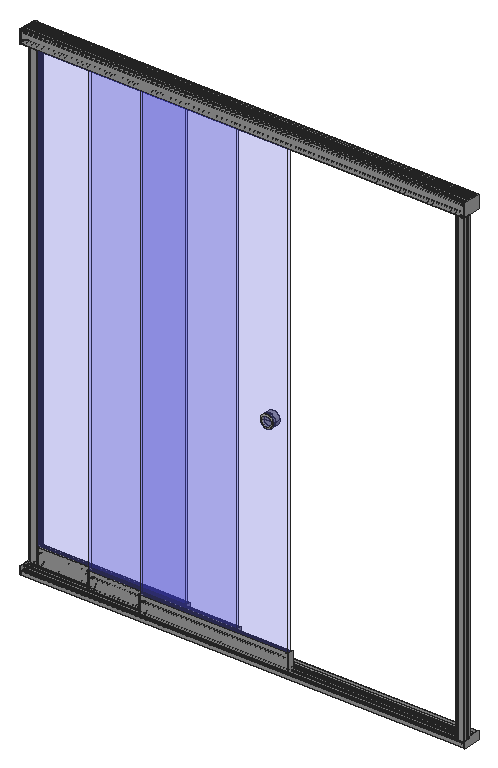
Revit family "SlideTec- 3 Panels.-Retracted 1 side", category Generic Models, Revit 2018
Family settings
  Can host rebar = No
  Round Connector Dimension = Use Diameter
  Part Type = Normal
  Work Plane-Based = No
  Always vertical = Yes
  Cut with Voids When Loaded = No
  Shared = No
  Room Calculation Point = No
Parameters
  Panel 1 [instance] = if(Sliders Retracting < 0 mm, 0 mm, if(Sliders Retracting > Panel Width - 41.5 mm, Panel Width - 41.5 mm, Sliders Retracting))  # 250 mm
  Panel Width [instance] = (Length Input - 95 mm + Gap * 3) / 3  # 676.5 mm
  Sliders Retracting [instance] = 250 mm
  Panel 2 [instance] = Panel 1 * 2  # 500 mm
  Length Input [instance] = if(Length < 2000 mm, 2000 mm, if(Length > 5000 mm, 5000 mm, Length))  # 2000 mm
  Length [instance] = 2000 mm
  Height Input [instance] = if(Height < 1500 mm, 1500 mm, if(Height > 3000 mm, 3000 mm, Height))  # 2200 mm
  Height [instance] = 2200 mm
  Glass [instance] = Glass
  Gap [instance] = 41.5 mm  # constant formula
  Framing [instance] = Aluminium
Reference planes
  plane 1 "Center (Front/Back)": y = 0
  plane 2: z = 0
  plane 3 "Center (Left/Right)": x = 498.5
  plane 4: x = -501.5
  plane 5: x = 1498.5
  plane 6: z = 2200
  plane 7: z = 2145
  plane 8: x = -467.5
  plane 9: z = 2180
Dimensions and locks
  equal spacing: plane 4, plane 3 "Center (Left/Right)", plane 5
  locked: plane 6 to plane 7 at 55
  "Length Input": plane 4 to plane 5
  "Panel 1": plane 8 to nested 7
  "Panel 2": plane 8 to nested 6
  "Height Input": plane 6 to level
  locked: plane 6 to plane 9 at 20
  aligned and locked: level to plane 2
  aligned and locked: nested 1 to plane 4
  aligned and locked: plane 6 to nested 3
  aligned and locked: plane 7 to nested 2
  aligned and locked: plane 5 to nested 4
  aligned and locked: nested 5 to plane 8
  aligned and locked: plane 4 to nested 3
  aligned and locked: plane 7 to nested 4
  aligned and locked: plane 9 to nested 5
  aligned and locked: plane 9 to nested 7
  aligned and locked: plane 9 to nested 6
Nested families
  nested 1: "Base Track" at (-46.328, 0, 0), type "Base Track"
  nested 2: "Side Channel" at (-501.5, 23, 24.002) x (0, -1, 0) z (0, 0, 1), type "Side Channel"
    with Height 2120.998 mm
  nested 3: "Head Guide" at (-117.423, 0, 2140), type "Head Guide"
  nested 4: "Side Channel" at (1498.5, -23, 24.002) x (0, 1, 0) z (0, 0, 1), type "Side Channel"
    with Height 2120.998 mm
  nested 5: "Panel 1" at (-135.25, 23, 20.362), type "Panel 1"
    with Height 2159.638 mm, Width 676.5 mm
  nested 6: "Panel 1 & 2 " at (364.75, -23, 20.362) x (-1, 0, 0) z (0, 0, 1), type "Panel 1 & 2 "
    with Height 2159.638 mm, Handle 979.819 mm, Width 676.5 mm
  nested 7: "Panel 2" at (114.75, 0, 20.362), type "Panel 2"
    with Height 2159.638 mm, Width 676.5 mm
Definition of nested family "Base Track"
  Parameters (values of type "Base Track")
    Length = 2000 mm
    Framing = none
  Reference planes
    plane 1 "Center (Front/Back)": y = 0
    plane 2: z = 0
    plane 3 "Center (Left/Right)": x = 546.328
    plane 4: x = -452.172
    plane 5: x = 1541.828
    plane 6: x = -455.172
    plane 7: x = 1544.828
  Forms (mm)
    Extrusion 1, solid, material <- "Framing"
      sketch origin (0, 0, 0) x (0, -1, 0) y (0, 0, -1)
        loop
          arc (-17.857, -13.359) -> (-19.536, -14.23) -> (-21.421, -14.069) r 3.4
          arc (-21.421, -14.069) -> (-21.883, -14.123) -> (-22.1, -14.535) r 0.5
          line (-22.1, -14.535) -> (-22.1, -15.329)
          arc (-22.1, -15.329) -> (-20.944, -15.879) -> (-20.063, -16.808) r 3.5
          line (-20.063, -16.808) -> (-0.9, -16.138) -> (-0.9, -1.8) -> (-22.1, -1.8) -> (-22.1, -7.255)
          arc (-22.1, -7.255) -> (-21.883, -7.667) -> (-21.421, -7.722) r 0.5
          arc (-21.421, -7.722) -> (-19.536, -7.561) -> (-17.857, -8.431) r 3.4
          arc (-17.857, -8.431) -> (-17.83, -9.492) -> (-18.891, -9.518) r 0.75
          arc (-18.891, -9.518) -> (-22.1, -10.895) -> (-18.891, -12.272) r 1.9
          arc (-18.891, -12.272) -> (-17.83, -12.299) -> (-17.857, -13.359) r 0.75
        loop
          arc (24.492, -17.253) -> (22.947, -15.606) -> (21.521, -17.357) r 1.5
          line (21.521, -17.357) -> (-21.508, -18.859)
          arc (-21.508, -18.859) -> (-23.053, -17.212) -> (-24.479, -18.963) r 1.5
          line (-24.479, -18.963) -> (-37.493, -19.417) -> (-37.493, -20.536) -> (-25.018, -20.182)
          arc (-25.018, -20.182) -> (-24.653, -20.323) -> (-24.5, -20.682) r 0.5
          line (-24.5, -20.682) -> (-24.5, -26.798)
          arc (-24.5, -26.798) -> (-24.647, -27.152) -> (-25, -27.298) r 0.5
          line (-25, -27.298) -> (-25.9, -27.298) -> (-25.9, -29.017)
          arc (-25.9, -29.017) -> (-23, -31.917) -> (-20.1, -29.017) r 2.9
          line (-20.1, -29.017) -> (-20.1, -27.298) -> (-21, -27.298)
          arc (-21, -27.298) -> (-21.354, -27.151) -> (-21.5, -26.798) r 0.5
          line (-21.5, -26.798) -> (-21.5, -20.06) -> (-2.018, -19.379)
          arc (-2.018, -19.379) -> (-1.653, -19.519) -> (-1.5, -19.879) r 0.5
          line (-1.5, -19.879) -> (-1.5, -26.798)
          arc (-1.5, -26.798) -> (-1.647, -27.152) -> (-2, -27.298) r 0.5
          line (-2, -27.298) -> (-2.9, -27.298) -> (-2.9, -29.017)
          arc (-2.9, -29.017) -> (0, -31.917) -> (2.9, -29.017) r 2.9
          line (2.9, -29.017) -> (2.9, -27.298) -> (2, -27.298)
          arc (2, -27.298) -> (1.646, -27.151) -> (1.5, -26.798) r 0.5
          line (1.5, -26.798) -> (1.5, -19.256) -> (20.982, -18.576)
          arc (20.982, -18.576) -> (21.347, -18.716) -> (21.5, -19.076) r 0.5
          line (21.5, -19.076) -> (21.5, -26.798)
          arc (21.5, -26.798) -> (21.353, -27.152) -> (21, -27.298) r 0.5
          line (21, -27.298) -> (20.1, -27.298) -> (20.1, -29.017)
          arc (20.1, -29.017) -> (23, -31.917) -> (25.9, -29.017) r 2.9
          line (25.9, -29.017) -> (25.9, -27.298) -> (25, -27.298)
          arc (25, -27.298) -> (24.646, -27.151) -> (24.5, -26.798) r 0.5
          line (24.5, -26.798) -> (24.5, -18.453) -> (34.559, -18.102) -> (34.517, -16.903) -> (24.492, -17.253)
        loop
          arc (-39.5, -34.1) -> (-38.6, -35) -> (-37.7, -34.1) r 0.9
          line (-37.7, -34.1) -> (-37.7, -22.131) -> (-35.278, -21.575) -> (-35.599, -20.852) -> (-37.693, -20.925) -> (-37.693, -19.224) -> (-24.699, -18.771)
          arc (-24.699, -18.771) -> (-23.06, -17.012) -> (-21.301, -18.652) r 1.7
          line (-21.301, -18.652) -> (21.301, -17.164)
          arc (21.301, -17.164) -> (22.94, -15.406) -> (24.699, -17.046) r 1.7
          line (24.699, -17.046) -> (38.535, -16.562)
          arc (38.535, -16.562) -> (39.219, -16.258) -> (39.5, -15.563) r 1
          line (39.5, -15.563) -> (39.5, 0) -> (37.2, 0) -> (37.2, -1.4) -> (37.7, -2.1) -> (37.7, -14.79) -> (25.937, -15.201)
          arc (25.937, -15.201) -> (25.056, -14.272) -> (23.9, -13.723) r 3.5
          line (23.9, -13.723) -> (23.9, 0) -> (-23.9, 0) -> (-23.9, -15.329)
          arc (-23.9, -15.329) -> (-25.154, -15.952) -> (-26.063, -17.017) r 3.5
          line (-26.063, -17.017) -> (-37.7, -17.423) -> (-37.7, -2.1) -> (-37.201, -1.4) -> (-37.201, 0) -> (-39.5, 0) -> (-39.5, -34.1)
        loop
          arc (20.151, -14.295) -> (17.809, -13.312) -> (16.801, -10.981) r 3.4
          arc (16.801, -10.981) -> (17.532, -10.212) -> (18.301, -10.943) r 0.75
          arc (18.301, -10.943) -> (21.544, -12.239) -> (20.248, -8.996) r 1.9
          arc (20.248, -8.996) -> (19.517, -8.227) -> (20.285, -7.496) r 0.75
          arc (20.285, -7.496) -> (20.863, -7.56) -> (21.421, -7.722) r 3.4
          arc (21.421, -7.722) -> (21.883, -7.667) -> (22.1, -7.255) r 0.5
          line (22.1, -7.255) -> (22.1, -1.8) -> (0.9, -1.8) -> (0.9, -16.075) -> (20.151, -15.403) -> (20.151, -14.295)
      from -452.172 to 1541.828
    Extrusion 2, solid, material <- "Framing"
      sketch origin (-272.837, 2.406, 17.302) x (0, -1, 0) y (0, 0, 1)
        loop
          line (41.906, -17.302) -> (41.906, 16.798)
          arc (41.906, 16.798) -> (41.643, 17.434) -> (41.006, 17.698) r 0.9
          line (41.006, 17.698) -> (-7.094, 17.698) -> (-7.094, 6.7) -> (-34.094, 6.7) -> (-34.094, 17.185)
          arc (-34.094, 17.185) -> (-34.244, 17.548) -> (-34.606, 17.698) r 0.512
          line (-34.606, 17.698) -> (-36.154, 17.698)
          arc (-36.154, 17.698) -> (-36.819, 17.423) -> (-37.094, 16.758) r 0.94
          line (-37.094, 16.758) -> (-37.094, -17.302) -> (41.906, -17.302)
      from 182.334 to 179.334
    Extrusion 3, void
      sketch origin (-452.172, -12.113, 0) x (0, -1, 0) y (0, 0, -1)
        loop
          line (-40.113, -24.002) -> (-40.113, -32.357) -> (-30.113, -32.357) -> (-30.113, -24.002) -> (-40.113, -24.002)
      from 0 to 7
    Extrusion 4, solid, material <- "Framing"
      sketch origin (272.837, -2.406, 17.302) x (0, 1, 0) y (0, 0, 1)
        loop
          line (41.906, -17.302) -> (41.906, 16.798)
          arc (41.906, 16.798) -> (41.643, 17.434) -> (41.006, 17.698) r 0.9
          line (41.006, 17.698) -> (-7.094, 17.698) -> (-7.094, 6.7) -> (-34.094, 6.7) -> (-34.094, 17.185)
          arc (-34.094, 17.185) -> (-34.244, 17.548) -> (-34.606, 17.698) r 0.512
          line (-34.606, 17.698) -> (-36.154, 17.698)
          arc (-36.154, 17.698) -> (-36.819, 17.423) -> (-37.094, 16.758) r 0.94
          line (-37.094, 16.758) -> (-37.094, -17.302) -> (41.906, -17.302)
      from 1271.991 to 1268.991
    Extrusion 5, void
      sketch origin (1541.828, 12.577, 0) x (0, 1, 0) y (0, 0, -1)
        loop
          line (-41.042, -24.002) -> (-41.042, -32.357) -> (-30.113, -32.357) -> (-30.113, -24.002) -> (-41.042, -24.002)
      from 0 to 7
  Cuts and joins
    Extrusion 3, Extrusion 5 cuts Extrusion 1
  Dimensions and locks
    locked: plane 6 to plane 4 at 3
    locked: plane 5 to plane 7 at 3
    equal spacing: plane 4, plane 3 "Center (Left/Right)", plane 7
    "Length": plane 6 to plane 7
    aligned and locked: level to plane 2
    aligned and locked: cut or joined group of Extrusion 1, Extrusion 3, Extrusion 5 to plane 4
    aligned and locked: cut or joined group of Extrusion 1, Extrusion 3, Extrusion 5 to plane 5
    aligned and locked: plane 4 to Extrusion 2
    aligned and locked: Extrusion 2 to plane 6
    aligned and locked: Extrusion 4 to plane 7
    aligned and locked: plane 5 to Extrusion 4
  Automatic sketch dimensions
    Extrusion 1 sketch curve to Extrusion 1 sketch curve = 0 mm  (x29)
    Extrusion 1 sketch curve to level = 0 mm  (x3)
    Extrusion 1 sketch curve to Extrusion 1 sketch curve = 0.9 mm  (x5)
    Extrusion 1 sketch curve to Extrusion 1 sketch curve = 1.8 mm  (x3)
    Extrusion 1 sketch curve to Extrusion 1 sketch curve = 0.007 mm  (x2)
    level to Extrusion 1 sketch curve = 19.417 mm
    Extrusion 1 sketch curve to Extrusion 1 sketch curve = 0.2 mm
    Extrusion 1 sketch curve to Extrusion 1 sketch curve = 0.499 mm
    level to Extrusion 1 sketch curve = 20.852 mm
    Extrusion 1 sketch curve to Extrusion 1 sketch curve = 1.894 mm
    level to Extrusion 1 sketch curve = 21.575 mm
    Extrusion 1 sketch curve to Extrusion 1 sketch curve = 0.322 mm
    level to Extrusion 1 sketch curve = 17.017 mm
    Extrusion 1 sketch curve to Extrusion 1 sketch curve = 9.536 mm
    Extrusion 1 sketch curve to Extrusion 1 sketch curve = 0.163 mm
    level to Extrusion 1 sketch curve = 20.182 mm
    Extrusion 1 sketch curve to Extrusion 1 sketch curve = 1.045 mm
    Extrusion 1 sketch curve to Extrusion 1 sketch curve = 0.017 mm  (x3)
    level to Extrusion 1 sketch curve = 18.771 mm
    Extrusion 1 sketch curve to Extrusion 1 sketch curve = 0.318 mm  (x2)
    Extrusion 1 sketch curve to Extrusion 1 sketch curve = 0.5 mm  (x9)
    level to Extrusion 1 sketch curve = 18.963 mm
    Extrusion 1 sketch curve to Extrusion 1 sketch curve = 0.22 mm  (x2)
    Extrusion 1 sketch curve to Extrusion 1 sketch curve = 13.301 mm
    Extrusion 1 sketch curve to Extrusion 1 sketch curve = 1.479 mm
    Extrusion 1 sketch curve to Extrusion 1 sketch curve = 2 mm  (x3)
    level to Extrusion 1 sketch curve = 18.859 mm
    Extrusion 1 sketch curve to Extrusion 1 sketch curve = 1.493 mm
    level to Extrusion 1 sketch curve = 18.652 mm
    Extrusion 1 sketch curve to Extrusion 1 sketch curve = 1.4 mm  (x2)
    level to Extrusion 1 sketch curve = 16.808 mm
    Extrusion 1 sketch curve to Extrusion 1 sketch curve = 1.238 mm  (x2)
    Extrusion 1 sketch curve to Extrusion 1 sketch curve = 1.826 mm  (x2)
    Extrusion 1 sketch curve to Extrusion 1 sketch curve = 17.2 mm  (x2)
    level to Extrusion 1 sketch curve = 19.379 mm
    Extrusion 1 sketch curve to Extrusion 1 sketch curve = 0.883 mm
    level to Extrusion 1 sketch curve = 1.8 mm  (x2)
    Extrusion 1 sketch curve to Extrusion 1 sketch curve = 1.118 mm
    level to Extrusion 1 sketch curve = 19.256 mm
    Extrusion 1 sketch curve to Extrusion 1 sketch curve = 3 mm
    level to Extrusion 1 sketch curve = 10.962 mm
    Extrusion 1 sketch curve to Extrusion 1 sketch curve = 16.651 mm
    level to Extrusion 1 sketch curve = 15.403 mm
    Extrusion 1 sketch curve to Extrusion 1 sketch curve = 2.6 mm
    Extrusion 1 sketch curve to Extrusion 1 sketch curve = 2.649 mm  (x2)
    Extrusion 1 sketch curve to Extrusion 1 sketch curve = 0.067 mm  (x2)
    level to Extrusion 1 sketch curve = 18.576 mm
    Extrusion 1 sketch curve to Extrusion 1 sketch curve = 0.831 mm
    level to Extrusion 1 sketch curve = 17.164 mm
    Extrusion 1 sketch curve to Extrusion 1 sketch curve = 1.333 mm
    Extrusion 1 sketch curve to Extrusion 1 sketch curve = 1.699 mm
    level to Extrusion 1 sketch curve = 17.046 mm
    Extrusion 1 sketch curve to Extrusion 1 sketch curve = 0.199 mm
    level to Extrusion 1 sketch curve = 15.201 mm
    Extrusion 1 sketch curve to Extrusion 1 sketch curve = 13.3 mm
    level to Extrusion 1 sketch curve = 14.79 mm
    Extrusion 1 sketch curve to Extrusion 1 sketch curve = 3.141 mm
    Extrusion 1 sketch curve to Extrusion 1 sketch curve = 0.8 mm
    level to Extrusion 1 sketch curve = 16.562 mm
    Extrusion 1 sketch curve to Extrusion 1 sketch curve = 0.035 mm
    Extrusion 1 sketch curve to Extrusion 1 sketch curve = 1 mm
    Extrusion 1 sketch curve to Extrusion 1 sketch curve = 1.278 mm
    Extrusion 1 sketch curve to Extrusion 1 sketch curve = 7.722 mm
    Extrusion 1 sketch curve to Extrusion 1 sketch curve = 7.541 mm
    Extrusion 1 sketch curve to Extrusion 1 sketch curve = 6.116 mm
    Extrusion 1 sketch curve to Extrusion 1 sketch curve = 1.719 mm  (x2)
    Extrusion 1 sketch curve to Extrusion 1 sketch curve = 1.72 mm  (x3)
    Extrusion 1 sketch curve to Extrusion 1 sketch curve = 11.969 mm
    Extrusion 1 sketch curve to Extrusion 1 sketch curve = 1.205 mm
    Extrusion 1 sketch curve to Extrusion 1 sketch curve = 0.389 mm
    Extrusion 1 sketch curve to Extrusion 1 sketch curve = 1.2 mm
    Extrusion 1 sketch curve to Extrusion 1 sketch curve = 0.193 mm
    Extrusion 1 sketch curve to Extrusion 1 sketch curve = 1.408 mm
    Extrusion 1 sketch curve to Extrusion 1 sketch curve = 1.801 mm
    Extrusion 1 sketch curve to Extrusion 1 sketch curve = 0.794 mm
    Extrusion 1 sketch curve to Extrusion 1 sketch curve = 1.108 mm
    Extrusion 1 sketch curve to Extrusion 1 sketch curve = 1.92 mm  (x2)
    Extrusion 1 sketch curve to Extrusion 1 sketch curve = 0.991 mm
    level to Extrusion 1 sketch curve = 2.1 mm  (x2)
    Extrusion 1 sketch curve to Extrusion 1 sketch curve = 0.7 mm  (x2)
    Extrusion 1 sketch curve to Extrusion 1 sketch curve = 0.517 mm  (x2)
    level to Extrusion 1 sketch curve = 16.138 mm
    level to Extrusion 1 sketch curve = 16.075 mm
    Extrusion 1 sketch curve to Extrusion 1 sketch curve = 0.206 mm
    Extrusion 1 sketch curve to Extrusion 1 sketch curve = 0.192 mm
    Extrusion 1 sketch curve to Extrusion 1 sketch curve = 8.623 mm
    level to Extrusion 1 sketch curve = 16.903 mm
    Extrusion 1 sketch curve to plane 1 "Center (Front/Back)" = 39.5 mm
    Extrusion 1 to Extrusion 3 sketch curve = 11.5 mm
    Extrusion 1 to Extrusion 3 sketch curve = 7.9 mm
    Extrusion 1 to Extrusion 3 sketch curve = 5.058 mm
    Extrusion 3 sketch curve to Extrusion 1 = 3.296 mm
    Extrusion 1 to Extrusion 5 sketch curve = 11.035 mm
    Extrusion 1 to Extrusion 5 sketch curve = 8.364 mm
    Extrusion 1 to Extrusion 5 sketch curve = 5.058 mm
    Extrusion 5 sketch curve to Extrusion 1 = 3.296 mm
    Extrusion 2 sketch curve to level = 0 mm
    Extrusion 2 sketch curve to plane 1 "Center (Front/Back)" = 39.5 mm
    Extrusion 2 sketch curve to Extrusion 2 sketch curve = 0.94 mm
    Extrusion 2 sketch curve to Extrusion 2 sketch curve = 1.548 mm
    Extrusion 2 sketch curve to Extrusion 2 sketch curve = 0.512 mm
    Extrusion 2 sketch curve to plane 1 "Center (Front/Back)" = 9.501 mm
    plane 1 "Center (Front/Back)" to Extrusion 2 sketch curve = 38.6 mm
    Extrusion 2 sketch curve to Extrusion 2 sketch curve = 0.9 mm
    level to Extrusion 2 sketch curve = 24.002 mm
    Extrusion 2 sketch curve to Extrusion 2 sketch curve = 10.058 mm
    level to Extrusion 2 sketch curve = 34.1 mm
    Extrusion 4 sketch curve to level = 0 mm
    plane 1 "Center (Front/Back)" to Extrusion 4 sketch curve = 39.5 mm
    Extrusion 4 sketch curve to Extrusion 4 sketch curve = 0.94 mm
    Extrusion 4 sketch curve to Extrusion 4 sketch curve = 1.548 mm
    Extrusion 4 sketch curve to Extrusion 4 sketch curve = 0.512 mm
    plane 1 "Center (Front/Back)" to Extrusion 4 sketch curve = 9.501 mm
    Extrusion 4 sketch curve to plane 1 "Center (Front/Back)" = 38.6 mm
    Extrusion 4 sketch curve to Extrusion 4 sketch curve = 0.9 mm
    level to Extrusion 4 sketch curve = 24.002 mm
    Extrusion 4 sketch curve to Extrusion 4 sketch curve = 10.058 mm
    level to Extrusion 4 sketch curve = 34.1 mm
Definition of nested family "Side Channel"
  Parameters (values of type "Side Channel")
    Height [instance] = 326.66 mm
    Framing = none
  Reference planes
    plane 1 "Center (Front/Back)": y = 0
    plane 2: z = 0
    plane 3 "Center (Left/Right)": x = 0
    plane 4: z = 326.66
  Forms (mm)
    Extrusion 1, solid, material <- "Framing"
      sketch origin (41.374, 114.075, 0) x (0, 1, 0) y (-1, 0, 0)
        loop
          arc (-74.577, 26.665) -> (-74.222, 26.811) -> (-74.075, 27.165) r 0.5
          line (-74.075, 27.165) -> (-74.075, 28.965)
          arc (-74.075, 28.965) -> (-74.888, 30.101) -> (-76.225, 29.698) r 1.2
          line (-76.225, 29.698) -> (-76.225, 28.865) -> (-75.175, 28.865) -> (-75.175, 27.765) -> (-80.475, 27.765) -> (-80.475, 28.865) -> (-79.425, 28.865) -> (-79.425, 29.812)
          arc (-79.425, 29.812) -> (-80.467, 30.15) -> (-81.349, 29.501) r 1.2
          line (-81.349, 29.501) -> (-81.349, 28.665) -> (-103.075, 28.665) -> (-103.075, 30.015) -> (-104.075, 30.015) -> (-104.075, 52.515) -> (-103.075, 52.515) -> (-103.075, 53.865) -> (-81.349, 53.865) -> (-81.349, 53.029)
          arc (-81.349, 53.029) -> (-80.467, 52.38) -> (-79.425, 52.718) r 1.2
          line (-79.425, 52.718) -> (-79.425, 53.665) -> (-80.475, 53.665) -> (-80.475, 54.765) -> (-75.175, 54.765) -> (-75.175, 53.665) -> (-76.225, 53.665) -> (-76.225, 52.832)
          arc (-76.225, 52.832) -> (-74.888, 52.429) -> (-74.075, 53.565) r 1.2
          line (-74.075, 53.565) -> (-74.075, 55.365)
          arc (-74.075, 55.365) -> (-74.221, 55.719) -> (-74.575, 55.865) r 0.5
          line (-74.575, 55.865) -> (-110.875, 55.865) -> (-110.875, 54.565) -> (-114.075, 54.565) -> (-114.075, 51.065) -> (-112.475, 51.065) -> (-112.475, 52.965) -> (-109.575, 52.965) -> (-109.575, 53.865) -> (-106.575, 53.865) -> (-106.575, 46.065) -> (-114.075, 46.065) -> (-114.075, 44.265) -> (-106.575, 44.265) -> (-106.575, 38.265) -> (-114.075, 38.265) -> (-114.075, 36.465) -> (-106.575, 36.465) -> (-106.575, 28.665) -> (-109.575, 28.665) -> (-109.575, 29.565) -> (-112.475, 29.565) -> (-112.475, 31.465) -> (-114.075, 31.465) -> (-114.075, 27.965) -> (-110.875, 27.965) -> (-110.875, 26.665) -> (-74.577, 26.665)
      from 0 to 326.66
  Dimensions and locks
    "Height": plane 4 to plane 2
    aligned and locked: level to plane 2
    aligned and locked: plane 4 to Extrusion 1
  Automatic sketch dimensions
    plane 1 "Center (Front/Back)" to Extrusion 1 sketch curve = 0 mm  (x4)
    Extrusion 1 sketch curve to Extrusion 1 sketch curve = 1.6 mm
    Extrusion 1 sketch curve to plane 1 "Center (Front/Back)" = 1.6 mm
    Extrusion 1 sketch curve to plane 1 "Center (Front/Back)" = 3.2 mm  (x2)
    Extrusion 1 sketch curve to Extrusion 1 sketch curve = 1.3 mm  (x3)
    Extrusion 1 sketch curve to Extrusion 1 sketch curve = 3 mm
    Extrusion 1 sketch curve to Extrusion 1 sketch curve = 0 mm  (x3)
    Extrusion 1 sketch curve to Extrusion 1 sketch curve = 2.5 mm
    Extrusion 1 sketch curve to Extrusion 1 sketch curve = 1 mm  (x2)
    Extrusion 1 sketch curve to Extrusion 1 sketch curve = 21.726 mm  (x2)
    Extrusion 1 sketch curve to Extrusion 1 sketch curve = 0.874 mm  (x2)
    Extrusion 1 sketch curve to Extrusion 1 sketch curve = 0.2 mm  (x3)
    Extrusion 1 sketch curve to Extrusion 1 sketch curve = 0.85 mm  (x2)
    Extrusion 1 sketch curve to Extrusion 1 sketch curve = 3.2 mm  (x2)
    Extrusion 1 sketch curve to Extrusion 1 sketch curve = 0.95 mm  (x2)
    Extrusion 1 sketch curve to Extrusion 1 sketch curve = 0.1 mm  (x6)
    Extrusion 1 sketch curve to Extrusion 1 sketch curve = 0.598 mm
    Extrusion 1 sketch curve to Extrusion 1 sketch curve = 0.6 mm  (x3)
    Extrusion 1 sketch curve to Extrusion 1 sketch curve = 0.002 mm
    Extrusion 1 sketch curve to Extrusion 1 sketch curve = 0.5 mm
    Extrusion 1 sketch curve to Extrusion 1 sketch curve = 1.1 mm  (x3)
    plane 3 "Center (Left/Right)" to Extrusion 1 sketch curve = 14.709 mm
    Extrusion 1 sketch curve to Extrusion 1 sketch curve = 0.9 mm  (x3)
    Extrusion 1 sketch curve to Extrusion 1 sketch curve = 0.836 mm
    Extrusion 1 sketch curve to Extrusion 1 sketch curve = 1.35 mm  (x2)
    Extrusion 1 sketch curve to Extrusion 1 sketch curve = 1.9 mm  (x2)
    plane 3 "Center (Left/Right)" to Extrusion 1 sketch curve = 4.909 mm
    Extrusion 1 sketch curve to Extrusion 1 sketch curve = 1.8 mm  (x2)
    Extrusion 1 sketch curve to plane 3 "Center (Left/Right)" = 2.891 mm
    Extrusion 1 sketch curve to Extrusion 1 sketch curve = 5 mm
    Extrusion 1 sketch curve to Extrusion 1 sketch curve = 6.45 mm
    Extrusion 1 sketch curve to plane 3 "Center (Left/Right)" = 11.344 mm
    Extrusion 1 sketch curve to Extrusion 1 sketch curve = 0.114 mm
    Extrusion 1 sketch curve to Extrusion 1 sketch curve = 0.311 mm
    Extrusion 1 sketch curve to Extrusion 1 sketch curve = 0.7 mm
Definition of nested family "Head Guide"
  Parameters (values of type "Head Guide")
    Width = 2000 mm
    Framing = none
  Reference planes
    plane 1 "Center (Front/Back)": y = 0
    plane 2: z = 0
    plane 3 "Center (Left/Right)": x = 615.923
    plane 4: x = -381.077
    plane 5: x = 1612.923
    plane 6: x = -384.077
    plane 7: x = 1615.923
  Forms (mm)
    Extrusion 1, solid, material <- "Framing"
      sketch origin (0, 0, 5) x (0, 1, 0) y (0, 0, 1)
        loop
          arc (15.8, 47.95) -> (14.315, 47.335) -> (13.7, 45.85) r 2.1
          line (13.7, 45.85) -> (13.7, 44.65) -> (9.3, 44.65) -> (9.3, 45.85)
          arc (9.3, 45.85) -> (8.685, 47.335) -> (7.2, 47.95) r 2.1
          line (7.2, 47.95) -> (6, 47.95)
          arc (6, 47.95) -> (5.646, 48.096) -> (5.5, 48.45) r 0.5
          line (5.5, 48.45) -> (5.5, 53.2) -> (6.5, 53.2)
          arc (6.5, 53.2) -> (6.854, 53.346) -> (7, 53.7) r 0.5
          line (7, 53.7) -> (7, 54.5)
          arc (7, 54.5) -> (6.854, 54.854) -> (6.5, 55) r 0.5
          line (6.5, 55) -> (4, 55)
          arc (4, 55) -> (3.646, 54.854) -> (3.5, 54.5) r 0.5
          line (3.5, 54.5) -> (3.5, 49.15)
          arc (3.5, 49.15) -> (3.354, 48.796) -> (3, 48.65) r 0.5
          line (3, 48.65) -> (0, 48.65) -> (-3, 48.65)
          arc (-3, 48.65) -> (-3.354, 48.796) -> (-3.5, 49.15) r 0.5
          line (-3.5, 49.15) -> (-3.5, 54.5)
          arc (-3.5, 54.5) -> (-3.646, 54.854) -> (-4, 55) r 0.5
          line (-4, 55) -> (-6.5, 55)
          arc (-6.5, 55) -> (-6.854, 54.854) -> (-7, 54.5) r 0.5
          line (-7, 54.5) -> (-7, 53.7)
          arc (-7, 53.7) -> (-6.854, 53.346) -> (-6.5, 53.2) r 0.5
          line (-6.5, 53.2) -> (-5.5, 53.2) -> (-5.5, 48.45)
          arc (-5.5, 48.45) -> (-5.646, 48.096) -> (-6, 47.95) r 0.5
          line (-6, 47.95) -> (-7.2, 47.95)
          arc (-7.2, 47.95) -> (-8.685, 47.335) -> (-9.3, 45.85) r 2.1
          line (-9.3, 45.85) -> (-9.3, 44.65) -> (-13.7, 44.65) -> (-13.7, 45.85)
          arc (-13.7, 45.85) -> (-14.315, 47.335) -> (-15.8, 47.95) r 2.1
          line (-15.8, 47.95) -> (-17, 47.95)
          arc (-17, 47.95) -> (-17.354, 48.096) -> (-17.5, 48.45) r 0.5
          line (-17.5, 48.45) -> (-17.5, 53.2) -> (-16.5, 53.2)
          arc (-16.5, 53.2) -> (-16.146, 53.346) -> (-16, 53.7) r 0.5
          line (-16, 53.7) -> (-16, 54.5)
          arc (-16, 54.5) -> (-16.146, 54.854) -> (-16.5, 55) r 0.5
          line (-16.5, 55) -> (-19, 55)
          arc (-19, 55) -> (-19.354, 54.854) -> (-19.5, 54.5) r 0.5
          line (-19.5, 54.5) -> (-19.5, 49.15)
          arc (-19.5, 49.15) -> (-19.646, 48.796) -> (-20, 48.65) r 0.5
          line (-20, 48.65) -> (-26, 48.65)
          arc (-26, 48.65) -> (-26.354, 48.796) -> (-26.5, 49.15) r 0.5
          line (-26.5, 49.15) -> (-26.5, 54.5)
          arc (-26.5, 54.5) -> (-26.646, 54.854) -> (-27, 55) r 0.5
          line (-27, 55) -> (-27.8, 55)
          arc (-27.8, 55) -> (-28.154, 54.854) -> (-28.3, 54.5) r 0.5
          line (-28.3, 54.5) -> (-28.3, 48.45)
          arc (-28.3, 48.45) -> (-28.446, 48.096) -> (-28.8, 47.95) r 0.5
          line (-28.8, 47.95) -> (-37.2, 47.95)
          arc (-37.2, 47.95) -> (-37.554, 48.096) -> (-37.7, 48.45) r 0.5
          line (-37.7, 48.45) -> (-37.7, 53.2) -> (-36.5, 53.2)
          arc (-36.5, 53.2) -> (-36.146, 53.346) -> (-36, 53.7) r 0.5
          line (-36, 53.7) -> (-36, 54.5)
          arc (-36, 54.5) -> (-36.146, 54.854) -> (-36.5, 55) r 0.5
          line (-36.5, 55) -> (-39, 55)
          arc (-39, 55) -> (-39.354, 54.854) -> (-39.5, 54.5) r 0.5
          line (-39.5, 54.5) -> (-39.5, -4.5)
          arc (-39.5, -4.5) -> (-39.354, -4.854) -> (-39, -5) r 0.5
          line (-39, -5) -> (-38.2, -5)
          arc (-38.2, -5) -> (-37.846, -4.854) -> (-37.7, -4.5) r 0.5
          line (-37.7, -4.5) -> (-37.7, 0) -> (-31.75, 0)
          arc (-31.75, 0) -> (-31.396, 0.146) -> (-31.25, 0.5) r 0.5
          line (-31.25, 0.5) -> (-31.25, 2.25) -> (-32.45, 2.25) -> (-32.45, 1.2) -> (-33.85, 1.2) -> (-33.85, 2.25) -> (-37.2, 2.25)
          arc (-37.2, 2.25) -> (-37.554, 2.396) -> (-37.7, 2.75) r 0.5
          line (-37.7, 2.75) -> (-37.7, 4.95)
          arc (-37.7, 4.95) -> (-37.554, 5.304) -> (-37.2, 5.45) r 0.5
          line (-37.2, 5.45) -> (-33.85, 5.45) -> (-33.85, 6.5) -> (-32.274, 6.5) -> (-32.179, 5.692)
          arc (-32.179, 5.692) -> (-31.616, 5.468) -> (-31.25, 5.95) r 0.5
          line (-31.25, 5.95) -> (-31.353, 6.824) -> (-32.452, 8.407)
          arc (-32.452, 8.407) -> (-32.992, 8.726) -> (-33.585, 8.523) r 0.75
          arc (-33.585, 8.523) -> (-36.794, 9.895) -> (-33.592, 11.283) r 1.9
          line (-33.592, 11.283) -> (-32.75, 11.283) -> (-32.75, 12.539)
          arc (-32.75, 12.539) -> (-35.218, 13.285) -> (-37.5, 12.084) r 3.4
          line (-37.5, 12.084) -> (-37.5, 42.066)
          arc (-37.5, 42.066) -> (-36.758, 41.406) -> (-35.856, 40.989) r 3.4
          arc (-35.856, 40.989) -> (-34.925, 41.496) -> (-35.432, 42.428) r 0.75
          arc (-35.432, 42.428) -> (-35.844, 45.895) -> (-33.047, 43.805) r 1.9
          arc (-33.047, 43.805) -> (-32.866, 43.116) -> (-32.191, 42.89) r 0.75
          line (-32.191, 42.89) -> (-31.396, 43.026) -> (-30.5, 44.624) -> (-30.5, 46.15) -> (-15.509, 46.15) -> (-15.458, 44.471) -> (-14.5, 42.85) -> (-12.5, 42.85) -> (-12.5, 7.7) -> (-14.75, 7.7) -> (-14.75, 5.45) -> (-13.55, 5.45) -> (-13.55, 6.5) -> (-12.35, 6.5) -> (-12.35, 1.2) -> (-13.55, 1.2) -> (-13.55, 2.25) -> (-14.75, 2.25) -> (-14.75, 0.5)
          arc (-14.75, 0.5) -> (-14.604, 0.146) -> (-14.25, 0) r 0.5
          line (-14.25, 0) -> (-8.75, 0)
          arc (-8.75, 0) -> (-8.396, 0.146) -> (-8.25, 0.5) r 0.5
          line (-8.25, 0.5) -> (-8.25, 2.25) -> (-9.45, 2.25) -> (-9.45, 1.2) -> (-10.65, 1.2) -> (-10.65, 6.5) -> (-9.45, 6.5) -> (-9.45, 5.45) -> (-8.25, 5.45) -> (-8.25, 7.7) -> (-10.5, 7.7) -> (-10.5, 42.85) -> (-8.496, 42.85) -> (-7.5, 44.624) -> (-7.5, 46.15) -> (0, 46.15) -> (7.5, 46.15) -> (7.5, 44.624) -> (8.496, 42.85) -> (10.5, 42.85) -> (10.5, 7.7) -> (8.25, 7.7) -> (8.25, 5.45) -> (9.45, 5.45) -> (9.45, 6.5) -> (10.65, 6.5) -> (10.65, 1.2) -> (9.45, 1.2) -> (9.45, 2.25) -> (8.25, 2.25) -> (8.25, 0.5)
          arc (8.25, 0.5) -> (8.396, 0.146) -> (8.75, 0) r 0.5
          line (8.75, 0) -> (14.25, 0)
          arc (14.25, 0) -> (14.604, 0.146) -> (14.75, 0.5) r 0.5
          line (14.75, 0.5) -> (14.75, 2.25) -> (13.55, 2.25) -> (13.55, 1.2) -> (12.35, 1.2) -> (12.35, 6.5) -> (13.55, 6.5) -> (13.55, 5.45) -> (14.75, 5.45) -> (14.75, 7.7) -> (12.5, 7.7) -> (12.5, 42.85) -> (14.5, 42.85) -> (15.458, 44.471) -> (15.509, 46.15) -> (30.5, 46.15) -> (30.5, 44.624) -> (31.396, 43.026) -> (32.191, 42.89)
          arc (32.191, 42.89) -> (32.866, 43.116) -> (33.047, 43.805) r 0.75
          arc (33.047, 43.805) -> (35.844, 45.895) -> (35.432, 42.428) r 1.9
          arc (35.432, 42.428) -> (34.925, 41.496) -> (35.856, 40.989) r 0.75
          arc (35.856, 40.989) -> (36.758, 41.406) -> (37.5, 42.066) r 3.4
          line (37.5, 42.066) -> (37.5, 12.084)
          arc (37.5, 12.084) -> (35.218, 13.285) -> (32.75, 12.539) r 3.4
          line (32.75, 12.539) -> (32.75, 11.283) -> (33.592, 11.283)
          arc (33.592, 11.283) -> (36.794, 9.895) -> (33.585, 8.523) r 1.9
          arc (33.585, 8.523) -> (32.992, 8.726) -> (32.452, 8.407) r 0.75
          line (32.452, 8.407) -> (31.353, 6.824) -> (31.25, 5.95)
          arc (31.25, 5.95) -> (31.616, 5.468) -> (32.179, 5.692) r 0.5
          line (32.179, 5.692) -> (32.274, 6.5) -> (33.85, 6.5) -> (33.85, 5.45) -> (37.2, 5.45)
          arc (37.2, 5.45) -> (37.554, 5.304) -> (37.7, 4.95) r 0.5
          line (37.7, 4.95) -> (37.7, 2.75)
          arc (37.7, 2.75) -> (37.554, 2.396) -> (37.2, 2.25) r 0.5
          line (37.2, 2.25) -> (33.85, 2.25) -> (33.85, 1.2) -> (32.45, 1.2) -> (32.45, 2.25) -> (31.25, 2.25) -> (31.25, 0.5)
          arc (31.25, 0.5) -> (31.396, 0.146) -> (31.75, 0) r 0.5
          line (31.75, 0) -> (37.7, 0) -> (37.7, -4.5)
          arc (37.7, -4.5) -> (37.846, -4.854) -> (38.2, -5) r 0.5
          line (38.2, -5) -> (39, -5)
          arc (39, -5) -> (39.354, -4.854) -> (39.5, -4.5) r 0.5
          line (39.5, -4.5) -> (39.5, 54.5)
          arc (39.5, 54.5) -> (39.354, 54.854) -> (39, 55) r 0.5
          line (39, 55) -> (36.5, 55)
          arc (36.5, 55) -> (36.146, 54.854) -> (36, 54.5) r 0.5
          line (36, 54.5) -> (36, 53.7)
          arc (36, 53.7) -> (36.146, 53.346) -> (36.5, 53.2) r 0.5
          line (36.5, 53.2) -> (37.7, 53.2) -> (37.7, 48.45)
          arc (37.7, 48.45) -> (37.554, 48.096) -> (37.2, 47.95) r 0.5
          line (37.2, 47.95) -> (28.8, 47.95)
          arc (28.8, 47.95) -> (28.446, 48.096) -> (28.3, 48.45) r 0.5
          line (28.3, 48.45) -> (28.3, 54.5)
          arc (28.3, 54.5) -> (28.154, 54.854) -> (27.8, 55) r 0.5
          line (27.8, 55) -> (27, 55)
          arc (27, 55) -> (26.646, 54.854) -> (26.5, 54.5) r 0.5
          line (26.5, 54.5) -> (26.5, 49.15)
          arc (26.5, 49.15) -> (26.354, 48.796) -> (26, 48.65) r 0.5
          line (26, 48.65) -> (20, 48.65)
          arc (20, 48.65) -> (19.646, 48.796) -> (19.5, 49.15) r 0.5
          line (19.5, 49.15) -> (19.5, 54.5)
          arc (19.5, 54.5) -> (19.354, 54.854) -> (19, 55) r 0.5
          line (19, 55) -> (16.5, 55)
          arc (16.5, 55) -> (16.146, 54.854) -> (16, 54.5) r 0.5
          line (16, 54.5) -> (16, 53.7)
          arc (16, 53.7) -> (16.146, 53.346) -> (16.5, 53.2) r 0.5
          line (16.5, 53.2) -> (17.5, 53.2) -> (17.5, 48.45)
          arc (17.5, 48.45) -> (17.354, 48.096) -> (17, 47.95) r 0.5
          line (17, 47.95) -> (15.8, 47.95)
      from -381.077 to 1612.923
    Extrusion 2, solid, material <- "Framing"
      sketch origin (1612.923, 0, 5) x (0, 1, 0) y (0, 0, 1)
        loop
          line (39.5, -5) -> (39.5, 55) -> (-39.5, 55) -> (-39.5, -5) -> (-36.5, -5) -> (-36.5, 0) -> (-9.501, 0) -> (-9.501, -5) -> (39.5, -5)
      from 0 to 3
    Extrusion 3, solid, material <- "Framing"
      sketch origin (-381.077, 0, 5) x (0, -1, 0) y (0, 0, 1)
        loop
          line (39.5, -5) -> (39.5, 55) -> (-39.5, 55) -> (-39.5, -5) -> (-36.5, -5) -> (-36.5, 0) -> (-9.501, 0) -> (-9.501, -5) -> (39.5, -5)
      from 0 to 3
  Dimensions and locks
    locked: plane 6 to plane 4 at 3
    locked: plane 5 to plane 7 at 3
    equal spacing: plane 4, plane 3 "Center (Left/Right)", plane 5
    "Width": plane 6 to plane 7
    aligned and locked: level to plane 2
    aligned and locked: Extrusion 1 to plane 4
    aligned and locked: Extrusion 1 to plane 5
  Automatic sketch dimensions
    Extrusion 1 sketch curve to Extrusion 1 sketch curve = 0 mm  (x25)
    Extrusion 1 sketch curve to level = 0 mm  (x2)
    Extrusion 1 sketch curve to plane 1 "Center (Front/Back)" = 0 mm  (x2)
    plane 1 "Center (Front/Back)" to Extrusion 1 sketch curve = 3 mm
    plane 1 "Center (Front/Back)" to Extrusion 1 sketch curve = 3.5 mm
    Extrusion 1 sketch curve to Extrusion 1 sketch curve = 0.5 mm  (x40)
    Extrusion 1 sketch curve to Extrusion 1 sketch curve = 2 mm  (x3)
    Extrusion 1 sketch curve to Extrusion 1 sketch curve = 1 mm  (x3)
    Extrusion 1 sketch curve to Extrusion 1 sketch curve = 1.2 mm  (x26)
    Extrusion 1 sketch curve to Extrusion 1 sketch curve = 0.3 mm  (x2)
    plane 1 "Center (Front/Back)" to Extrusion 1 sketch curve = 8.25 mm
    Extrusion 1 sketch curve to Extrusion 1 sketch curve = 0.996 mm  (x2)
    Extrusion 1 sketch curve to Extrusion 1 sketch curve = 1.8 mm  (x4)
    Extrusion 1 sketch curve to Extrusion 1 sketch curve = 2.004 mm  (x2)
    Extrusion 1 sketch curve to Extrusion 1 sketch curve = 1.7 mm  (x4)
    Extrusion 1 sketch curve to Extrusion 1 sketch curve = 0.15 mm  (x2)
    Extrusion 1 sketch curve to Extrusion 1 sketch curve = 0.7 mm  (x10)
    Extrusion 1 sketch curve to Extrusion 1 sketch curve = 0.8 mm  (x7)
    Extrusion 1 sketch curve to Extrusion 1 sketch curve = 1.758 mm  (x2)
    Extrusion 1 sketch curve to Extrusion 1 sketch curve = 0.051 mm  (x2)
    Extrusion 1 sketch curve to Extrusion 1 sketch curve = 0.291 mm  (x2)
    Extrusion 1 sketch curve to Extrusion 1 sketch curve = 0.2 mm  (x4)
    Extrusion 1 sketch curve to Extrusion 1 sketch curve = 1.5 mm  (x2)
    Extrusion 1 sketch curve to Extrusion 1 sketch curve = 6 mm  (x2)
    level to Extrusion 1 sketch curve = 10.95 mm  (x2)
    Extrusion 1 sketch curve to Extrusion 1 sketch curve = 16.5 mm  (x2)
    level to Extrusion 1 sketch curve = 11.824 mm  (x2)
    Extrusion 1 sketch curve to Extrusion 1 sketch curve = 0.103 mm  (x2)
    Extrusion 1 sketch curve to Extrusion 1 sketch curve = 0.896 mm  (x2)
    level to Extrusion 1 sketch curve = 10.692 mm  (x2)
    Extrusion 1 sketch curve to Extrusion 1 sketch curve = 0.795 mm  (x2)
    level to Extrusion 1 sketch curve = 11.5 mm
    Extrusion 1 sketch curve to Extrusion 1 sketch curve = 0.524 mm  (x2)
    Extrusion 1 sketch curve to Extrusion 1 sketch curve = 0.127 mm  (x2)
    level to Extrusion 1 sketch curve = 13.407 mm  (x2)
    Extrusion 1 sketch curve to Extrusion 1 sketch curve = 0.178 mm  (x2)
    Extrusion 1 sketch curve to Extrusion 1 sketch curve = 0.298 mm  (x2)
    Extrusion 1 sketch curve to Extrusion 1 sketch curve = 0.616 mm  (x2)
    Extrusion 1 sketch curve to Extrusion 1 sketch curve = 0.842 mm  (x2)
    Extrusion 1 sketch curve to Extrusion 1 sketch curve = 1.4 mm  (x2)
    Extrusion 1 sketch curve to Extrusion 1 sketch curve = 1.576 mm  (x2)
    Extrusion 1 sketch curve to Extrusion 1 sketch curve = 1.303 mm  (x2)
    Extrusion 1 sketch curve to Extrusion 1 sketch curve = 2.576 mm  (x2)
    Extrusion 1 sketch curve to Extrusion 1 sketch curve = 0.75 mm  (x2)
    Extrusion 1 sketch curve to Extrusion 1 sketch curve = 7.7 mm  (x2)
    Extrusion 1 sketch curve to Extrusion 1 sketch curve = 2.306 mm  (x2)
    Extrusion 1 sketch curve to Extrusion 1 sketch curve = 3.35 mm  (x2)
    Extrusion 1 sketch curve to Extrusion 1 sketch curve = 2.606 mm
    Extrusion 1 sketch curve to Extrusion 1 sketch curve = 1.3 mm  (x7)
    Extrusion 1 sketch curve to plane 1 "Center (Front/Back)" = 3 mm
    Extrusion 1 sketch curve to plane 1 "Center (Front/Back)" = 3.5 mm
    Extrusion 1 sketch curve to plane 1 "Center (Front/Back)" = 8.25 mm
    level to Extrusion 1 sketch curve = 7.25 mm
    level to Extrusion 1 sketch curve = 16.283 mm
    Extrusion 1 sketch curve to Extrusion 1 sketch curve = 1.856 mm
    level to Extrusion 1 sketch curve = 0.5 mm
    Extrusion 1 sketch curve to Extrusion 1 sketch curve = 4.5 mm
    level to Extrusion 1 sketch curve = 5 mm  (x2)
    Extrusion 1 sketch curve to Extrusion 1 sketch curve = 2.25 mm
    Extrusion 1 sketch curve to Extrusion 1 sketch curve = 1.05 mm  (x13)
    Extrusion 1 sketch curve to Extrusion 1 sketch curve = 2.2 mm  (x2)
    Extrusion 1 sketch curve to Extrusion 1 sketch curve = 3.2 mm  (x4)
    Extrusion 1 sketch curve to Extrusion 1 sketch curve = 0.428 mm  (x2)
    Extrusion 1 sketch curve to Extrusion 1 sketch curve = 1.92 mm
    Extrusion 1 sketch curve to Extrusion 1 sketch curve = 1.383 mm  (x2)
    Extrusion 1 sketch curve to Extrusion 1 sketch curve = 2.184 mm  (x2)
    Extrusion 1 sketch curve to Extrusion 1 sketch curve = 29.17 mm  (x2)
    Extrusion 1 sketch curve to Extrusion 1 sketch curve = 0.358 mm  (x2)
    Extrusion 1 sketch curve to Extrusion 1 sketch curve = 1.142 mm
    Extrusion 1 sketch curve to Extrusion 1 sketch curve = 1.181 mm  (x2)
    Extrusion 1 sketch curve to Extrusion 1 sketch curve = 0.137 mm  (x2)
    Extrusion 1 sketch curve to Extrusion 1 sketch curve = 0.739 mm  (x2)
    Extrusion 1 sketch curve to Extrusion 1 sketch curve = 0.621 mm  (x2)
    Extrusion 1 sketch curve to Extrusion 1 sketch curve = 1.621 mm  (x2)
    Extrusion 1 sketch curve to Extrusion 1 sketch curve = 1.598 mm  (x2)
    Extrusion 1 sketch curve to Extrusion 1 sketch curve = 1.774 mm  (x2)
    Extrusion 1 sketch curve to Extrusion 1 sketch curve = 0.179 mm  (x2)
    Extrusion 1 sketch curve to Extrusion 1 sketch curve = 1.226 mm
    Extrusion 1 sketch curve to Extrusion 1 sketch curve = 2.3 mm
    Extrusion 1 sketch curve to Extrusion 1 sketch curve = 1.526 mm  (x2)
    Extrusion 1 sketch curve to Extrusion 1 sketch curve = 3.7 mm
    Extrusion 1 sketch curve to Extrusion 1 sketch curve = 2.5 mm
    Extrusion 1 sketch curve to Extrusion 1 sketch curve = 4.75 mm  (x3)
    Extrusion 1 sketch curve to Extrusion 1 sketch curve = 4.05 mm  (x3)
    Extrusion 1 sketch curve to Extrusion 1 sketch curve = 5.35 mm  (x2)
    Extrusion 3 sketch curve to Extrusion 1 = 0 mm  (x3)
    Extrusion 1 to Extrusion 3 sketch curve = 0 mm  (x3)
    Extrusion 3 sketch curve to Extrusion 1 = 0.5 mm
    Extrusion 1 to Extrusion 3 sketch curve = 0.051 mm
    Extrusion 2 sketch curve to Extrusion 1 = 0 mm  (x3)
    Extrusion 1 to Extrusion 2 sketch curve = 0 mm  (x3)
    Extrusion 2 sketch curve to Extrusion 1 = 0.5 mm
    Extrusion 1 to Extrusion 2 sketch curve = 0.051 mm
Definition of nested family "Panel 1"
  Parameters (values of type "Panel 1")
    Width = 1017.1 mm
    Visable Handle = yes
    Height [instance] = 2200 mm
    Handle = 1000 mm
    Glass = none
    Framing = none
  Reference planes
    plane 1 "Center (Front/Back)": y = 0
    plane 2: z = 0
    plane 3 "Center (Left/Right)": x = 0
    plane 4: x = -502.55
    plane 5: x = 502.55
    plane 6: z = 2200
    plane 7: x = -508.55
    plane 8: x = 508.55
    plane 9: z = 1000
  Forms (mm)
    Extrusion 1, solid, material <- "Framing"
      sketch origin (-125, 0, 0.663) x (0, 1, 0) y (0, 0, 1)
        loop
          line (-3.408, 45.955) -> (3.408, 45.955)
          arc (3.408, 45.955) -> (6.75, 47.192) -> (3.408, 48.43) r 1.9
          line (3.408, 48.43) -> (-3.408, 48.43)
          arc (-3.408, 48.43) -> (-6.75, 47.192) -> (-3.408, 45.955) r 1.9
        loop
          arc (8.85, 0) -> (9.204, 0.146) -> (9.35, 0.5) r 0.5
          line (9.35, 0.5) -> (9.35, 79.992) -> (6.3, 79.992) -> (6.3, 76.917) -> (6.6, 76.144) -> (6.6, 72.75) -> (6.3, 71.977) -> (6.3, 66.917) -> (6.6, 66.144) -> (6.6, 62.75) -> (6.3, 61.977) -> (6.3, 56.917) -> (6.6, 56.144) -> (6.6, 52.492) -> (2.5, 52.492) -> (2.5, 51.292) -> (-2.5, 51.292) -> (-2.5, 52.492) -> (-6.6, 52.492) -> (-6.6, 56.144) -> (-6.3, 56.917) -> (-6.3, 61.977) -> (-6.6, 62.75) -> (-6.6, 66.144) -> (-6.3, 66.917) -> (-6.3, 71.977) -> (-6.6, 72.75) -> (-6.6, 76.144) -> (-6.3, 76.917) -> (-6.3, 79.992) -> (-9.35, 79.992) -> (-9.35, 0.5)
          arc (-9.35, 0.5) -> (-9.204, 0.146) -> (-8.85, 0) r 0.5
          line (-8.85, 0) -> (-7.25, 0) -> (-7.25, 4.819) -> (-7.651, 5.547) -> (-7.751, 43.092) -> (7.75, 43.092) -> (7.75, 11.092) -> (7.75, 5.726) -> (7.35, 5) -> (7.244, 0) -> (8.85, 0)
      from -377.55 to 627.55
    Extrusion 2, solid, material <- "Glass"
      sketch origin (-125, 0, 0.163) x (0, 1, 0) y (0, 0, 1)
        loop
          line (5.979, 53.992) -> (5.979, 2200) -> (-6.021, 2200) -> (-6.021, 53.992) -> (-5.021, 52.992) -> (4.979, 52.992) -> (5.979, 53.992)
      from -377.55 to 627.55
  Dimensions and locks
    "Height": plane 6 to plane 2
    locked: plane 7 to plane 4 at 6
    locked: plane 5 to plane 8 at 6
    equal spacing: plane 4, plane 3 "Center (Left/Right)", plane 5
    "Width": plane 7 to plane 8
    "Handle": plane 9 to plane 2
    aligned and locked: level to plane 2
    aligned and locked: Extrusion 2 to plane 4
    aligned and locked: Extrusion 2 to plane 5
    aligned and locked: nested 2 to plane 7
    aligned and locked: Extrusion 1 to plane 4
    aligned and locked: nested 1 to plane 8
    aligned and locked: Extrusion 1 to plane 5
  Automatic sketch dimensions
    plane 1 "Center (Front/Back)" to Extrusion 1 sketch curve = 9.35 mm
    Extrusion 1 sketch curve to Extrusion 1 sketch curve = 0.5 mm
    plane 1 "Center (Front/Back)" to Extrusion 1 sketch curve = 7.751 mm
    Extrusion 1 sketch curve to Extrusion 1 sketch curve = 1.199 mm
    Extrusion 1 sketch curve to Extrusion 1 sketch curve = 0.401 mm
    plane 1 "Center (Front/Back)" to Extrusion 1 sketch curve = 6.6 mm  (x2)
    Extrusion 1 sketch curve to Extrusion 1 sketch curve = 2.75 mm
    Extrusion 1 sketch curve to Extrusion 1 sketch curve = 0.3 mm  (x6)
    plane 1 "Center (Front/Back)" to Extrusion 1 sketch curve = 4.85 mm
    Extrusion 1 sketch curve to Extrusion 1 sketch curve = 1.442 mm  (x3)
    plane 1 "Center (Front/Back)" to Extrusion 1 sketch curve = 2.5 mm
    Extrusion 1 sketch curve to plane 1 "Center (Front/Back)" = 2.5 mm
    Extrusion 1 sketch curve to Extrusion 1 sketch curve = 0.908 mm
    Extrusion 1 sketch curve to Extrusion 1 sketch curve = 0 mm  (x2)
    Extrusion 1 sketch curve to plane 1 "Center (Front/Back)" = 6.3 mm  (x2)
    level to Extrusion 1 sketch curve = 0.663 mm  (x2)
    Extrusion 1 sketch curve to plane 1 "Center (Front/Back)" = 7.244 mm
    Extrusion 1 sketch curve to Extrusion 1 sketch curve = 0.106 mm
    Extrusion 1 sketch curve to Extrusion 1 sketch curve = 0.4 mm
    Extrusion 1 sketch curve to Extrusion 1 sketch curve = 1.606 mm
    Extrusion 1 sketch curve to Extrusion 1 sketch curve = 3.05 mm
    Extrusion 1 sketch curve to Extrusion 1 sketch curve = 4.319 mm
    Extrusion 1 sketch curve to Extrusion 1 sketch curve = 4.5 mm
    Extrusion 1 sketch curve to Extrusion 1 sketch curve = 0.728 mm
    Extrusion 1 sketch curve to Extrusion 1 sketch curve = 0.726 mm
    Extrusion 1 sketch curve to Extrusion 1 sketch curve = 5.367 mm
    Extrusion 1 sketch curve to Extrusion 1 sketch curve = 32 mm
    Extrusion 1 sketch curve to Extrusion 1 sketch curve = 2.862 mm  (x2)
    Extrusion 1 sketch curve to Extrusion 1 sketch curve = 1.238 mm
    Extrusion 1 sketch curve to Extrusion 1 sketch curve = 1.2 mm  (x2)
    Extrusion 1 sketch curve to Extrusion 1 sketch curve = 3.652 mm  (x2)
    Extrusion 1 sketch curve to Extrusion 1 sketch curve = 0.773 mm  (x10)
    Extrusion 1 sketch curve to Extrusion 1 sketch curve = 5.06 mm  (x4)
    Extrusion 1 sketch curve to Extrusion 1 sketch curve = 3.394 mm  (x2)
    Extrusion 1 sketch curve to Extrusion 1 sketch curve = 4.167 mm  (x2)
    Extrusion 1 sketch curve to Extrusion 1 sketch curve = 3.076 mm  (x2)
    plane 6 to Extrusion 2 sketch curve = 0.163 mm
    plane 1 "Center (Front/Back)" to Extrusion 2 sketch curve = 6.021 mm
    Extrusion 2 sketch curve to Extrusion 2 sketch curve = 1 mm  (x2)
    Extrusion 2 sketch curve to plane 1 "Center (Front/Back)" = 4.979 mm
    Extrusion 2 sketch curve to plane 1 "Center (Front/Back)" = 5.979 mm
    level to Extrusion 2 sketch curve = 54.155 mm
    Extrusion 2 sketch curve to Extrusion 2 sketch curve = 0 mm
  Nested families
    nested 1: "Slider Extrusion End Cap RH & LH" at (508.55, 0, 0) x (0, -1, 0) z (0, 0, 1), type "Slider Extrusion End Cap RH & LH"
    nested 2: "Slider Extrusion End Cap End" at (-508.55, 0, 0) x (0, 1, 0) z (0, 0, 1), type "Slider Extrusion End Cap End"
  Definition of nested family "Slider Extrusion End Cap RH & LH"
    Parameters (values of type "Slider Extrusion End Cap RH & LH")
      Framing = none
    Reference planes
      plane 1 "Center (Front/Back)": y = 0
      plane 2: z = 0
      plane 3 "Center (Left/Right)": x = 0
    Forms (mm)
      Extrusion 1, solid, material <- "Framing"
        sketch origin (9.522, -6, 0) x (1, 0, 0) y (0, 1, 0)
          loop
            line (0, 0) -> (-0.051, -14.5) -> (3.708, -14.982) -> (2.849, 6) -> (-19.001, 6) -> (-19.001, 0) -> (0, 0)
        from 0 to 80.905
      Extrusion 2, solid, material <- "Framing"
        sketch origin (9.522, -6, 0) x (0, 1, 0) y (0, 0, 1)
          loop
            line (-31, 43.114) -> (-31, 30.955) -> (-14.14, 0) -> (0, 0) -> (0, 43.655) -> (-31, 43.114)
        from -2.78 to -15.892
      Extrusion 3, void
        sketch origin (12.371, 0, 0) x (-1, 0, 0) y (0, 0, 1)
          loop
            line (9.371, 0) -> (-2.356, 1.188) -> (-2.356, -1.415) -> (21.85, -1.415) -> (21.85, 0.659) -> (15.371, 0) -> (15.371, 8.755)
            arc (15.371, 8.755) -> (12.371, 11.755) -> (9.371, 8.755) r 3
            line (9.371, 8.755) -> (9.371, 0)
        from 0 to -28.971
      Extrusion 4, solid, material <- "Framing"
        sketch origin (6.742, -6, 0) x (0, 1, 0) y (0, 0, 1)
          loop
            line (0, 43.655) -> (-14.5, 43.402) -> (-14.5, -0.888) -> (0, -0.888) -> (0, 43.655)
        from 0 to 2.729
    Cuts and joins
      Extrusion 3 cuts Extrusion 1
      Extrusion 3 cuts Extrusion 2
      Extrusion 3 cuts Extrusion 4
    Dimensions and locks
      aligned and locked: level to plane 2
  Definition of nested family "Slider Extrusion End Cap End"
    Parameters (values of type "Slider Extrusion End Cap End")
      Framing = none
    Reference planes
      plane 1 "Center (Front/Back)": y = 0
      plane 2: z = 0
      plane 3 "Center (Left/Right)": x = 0
    Forms (mm)
      Extrusion 1, solid, material <- "Framing"
        sketch origin (9.522, -6, 0) x (1, 0, 0) y (0, 1, 0)
          loop
            line (-0.043, 6) -> (-19.001, 6) -> (-19.001, 0) -> (-0.043, 0) -> (-0.043, 6)
        from 0 to 80.905
      Extrusion 2, solid, material <- "Framing"
        sketch origin (9.522, -6, 0) x (0, 1, 0) y (0, 0, 1)
          loop
            line (-31, 43.114) -> (-31, 30.955) -> (-14.14, 0) -> (0, 0) -> (0, 43.655) -> (-31, 43.114)
        from -2.78 to -15.892
      Extrusion 3, void
        sketch origin (12.371, 0, 0) x (-1, 0, 0) y (0, 0, 1)
          loop
            line (9.371, 0) -> (-2.356, 1.188) -> (-2.356, -1.415) -> (21.85, -1.415) -> (21.85, 0.659) -> (15.371, 0) -> (15.371, 8.755)
            arc (15.371, 8.755) -> (12.371, 11.755) -> (9.371, 8.755) r 3
            line (9.371, 8.755) -> (9.371, 0)
        from 0 to -28.971
    Cuts and joins
      Extrusion 3 cuts Extrusion 1
      Extrusion 3 cuts Extrusion 2
    Dimensions and locks
      aligned and locked: level to plane 2
Definition of nested family "Panel 1 & 2 "
  Parameters (values of type "Panel 1 & 2 ")
    Width = 1017.1 mm
    Height [instance] = 2000 mm
    Handle [instance] = if((Height / 2 - 100 mm) < 500 mm, 500 mm, Height / 2 - 100 mm)  # 900 mm
    Glass = none
    Framing = none
  Reference planes
    plane 1 "Center (Front/Back)": y = 0
    plane 2: z = 0
    plane 3 "Center (Left/Right)": x = 0
    plane 4: x = -502.55
    plane 5: x = 502.55
    plane 6: z = 2000
    plane 7: x = -508.55
    plane 8: x = 508.55
    plane 9: z = 900
    plane 10: x = -408.55
  Forms (mm)
    Extrusion 1, solid, material <- "Framing"
      sketch origin (-125, 0, 0.663) x (0, 1, 0) y (0, 0, 1)
        loop
          line (-3.408, 45.955) -> (3.408, 45.955)
          arc (3.408, 45.955) -> (6.75, 47.192) -> (3.408, 48.43) r 1.9
          line (3.408, 48.43) -> (-3.408, 48.43)
          arc (-3.408, 48.43) -> (-6.75, 47.192) -> (-3.408, 45.955) r 1.9
        loop
          arc (8.85, 0) -> (9.204, 0.146) -> (9.35, 0.5) r 0.5
          line (9.35, 0.5) -> (9.35, 79.992) -> (6.3, 79.992) -> (6.3, 76.917) -> (6.6, 76.144) -> (6.6, 72.75) -> (6.3, 71.977) -> (6.3, 66.917) -> (6.6, 66.144) -> (6.6, 62.75) -> (6.3, 61.977) -> (6.3, 56.917) -> (6.6, 56.144) -> (6.6, 52.492) -> (2.5, 52.492) -> (2.5, 51.292) -> (-2.5, 51.292) -> (-2.5, 52.492) -> (-6.6, 52.492) -> (-6.6, 56.144) -> (-6.3, 56.917) -> (-6.3, 61.977) -> (-6.6, 62.75) -> (-6.6, 66.144) -> (-6.3, 66.917) -> (-6.3, 71.977) -> (-6.6, 72.75) -> (-6.6, 76.144) -> (-6.3, 76.917) -> (-6.3, 79.992) -> (-9.35, 79.992) -> (-9.35, 0.5)
          arc (-9.35, 0.5) -> (-9.204, 0.146) -> (-8.85, 0) r 0.5
          line (-8.85, 0) -> (-7.25, 0) -> (-7.25, 4.819) -> (-7.651, 5.547) -> (-7.751, 43.092) -> (7.75, 43.092) -> (7.75, 11.092) -> (7.75, 5.726) -> (7.35, 5) -> (7.244, 0) -> (8.85, 0)
      from -377.55 to 627.55
    Extrusion 2, solid, material <- "Glass"
      sketch origin (-125, 0, 0.163) x (0, 1, 0) y (0, 0, 1)
        loop
          line (5.979, 53.992) -> (5.979, 2000) -> (-6.021, 2000) -> (-6.021, 53.992) -> (-5.021, 52.992) -> (4.979, 52.992) -> (5.979, 53.992)
      from -377.55 to 627.55
  Dimensions and locks
    "Height": plane 6 to plane 2
    locked: plane 7 to plane 4 at 6
    locked: plane 5 to plane 8 at 6
    equal spacing: plane 4, plane 3 "Center (Left/Right)", plane 5
    "Width": plane 7 to plane 8
    "Handle": plane 9 to plane 2
    plane 7 to plane 10 = 100 mm
    aligned and locked: level to plane 2
    aligned and locked: Extrusion 2 to plane 4
    aligned and locked: Extrusion 2 to plane 5
    aligned and locked: nested 2 to plane 7
    aligned and locked: Extrusion 1 to plane 4
    aligned and locked: nested 1 to plane 8
    aligned and locked: Extrusion 1 to plane 5
    aligned and locked: plane 10 to nested 3
    aligned and locked: plane 9 to nested 3
  Automatic sketch dimensions
    plane 1 "Center (Front/Back)" to Extrusion 1 sketch curve = 9.35 mm
    Extrusion 1 sketch curve to Extrusion 1 sketch curve = 0.5 mm
    plane 1 "Center (Front/Back)" to Extrusion 1 sketch curve = 7.751 mm
    Extrusion 1 sketch curve to Extrusion 1 sketch curve = 1.199 mm
    Extrusion 1 sketch curve to Extrusion 1 sketch curve = 0.401 mm
    plane 1 "Center (Front/Back)" to Extrusion 1 sketch curve = 6.6 mm  (x2)
    Extrusion 1 sketch curve to Extrusion 1 sketch curve = 2.75 mm
    Extrusion 1 sketch curve to Extrusion 1 sketch curve = 0.3 mm  (x6)
    plane 1 "Center (Front/Back)" to Extrusion 1 sketch curve = 4.85 mm
    Extrusion 1 sketch curve to Extrusion 1 sketch curve = 1.442 mm  (x3)
    plane 1 "Center (Front/Back)" to Extrusion 1 sketch curve = 2.5 mm
    Extrusion 1 sketch curve to plane 1 "Center (Front/Back)" = 2.5 mm
    Extrusion 1 sketch curve to Extrusion 1 sketch curve = 0.908 mm
    Extrusion 1 sketch curve to Extrusion 1 sketch curve = 0 mm  (x2)
    Extrusion 1 sketch curve to plane 1 "Center (Front/Back)" = 6.3 mm  (x2)
    level to Extrusion 1 sketch curve = 0.663 mm  (x2)
    Extrusion 1 sketch curve to plane 1 "Center (Front/Back)" = 7.244 mm
    Extrusion 1 sketch curve to Extrusion 1 sketch curve = 0.106 mm
    Extrusion 1 sketch curve to Extrusion 1 sketch curve = 0.4 mm
    Extrusion 1 sketch curve to Extrusion 1 sketch curve = 1.606 mm
    Extrusion 1 sketch curve to Extrusion 1 sketch curve = 3.05 mm
    Extrusion 1 sketch curve to Extrusion 1 sketch curve = 4.319 mm
    Extrusion 1 sketch curve to Extrusion 1 sketch curve = 4.5 mm
    Extrusion 1 sketch curve to Extrusion 1 sketch curve = 0.728 mm
    Extrusion 1 sketch curve to Extrusion 1 sketch curve = 0.726 mm
    Extrusion 1 sketch curve to Extrusion 1 sketch curve = 5.367 mm
    Extrusion 1 sketch curve to Extrusion 1 sketch curve = 32 mm
    Extrusion 1 sketch curve to Extrusion 1 sketch curve = 2.862 mm  (x2)
    Extrusion 1 sketch curve to Extrusion 1 sketch curve = 1.238 mm
    Extrusion 1 sketch curve to Extrusion 1 sketch curve = 1.2 mm  (x2)
    Extrusion 1 sketch curve to Extrusion 1 sketch curve = 3.652 mm  (x2)
    Extrusion 1 sketch curve to Extrusion 1 sketch curve = 0.773 mm  (x10)
    Extrusion 1 sketch curve to Extrusion 1 sketch curve = 5.06 mm  (x4)
    Extrusion 1 sketch curve to Extrusion 1 sketch curve = 3.394 mm  (x2)
    Extrusion 1 sketch curve to Extrusion 1 sketch curve = 4.167 mm  (x2)
    Extrusion 1 sketch curve to Extrusion 1 sketch curve = 3.076 mm  (x2)
    plane 6 to Extrusion 2 sketch curve = 0.163 mm
    plane 1 "Center (Front/Back)" to Extrusion 2 sketch curve = 6.021 mm
    Extrusion 2 sketch curve to Extrusion 2 sketch curve = 1 mm  (x2)
    Extrusion 2 sketch curve to plane 1 "Center (Front/Back)" = 4.979 mm
    Extrusion 2 sketch curve to plane 1 "Center (Front/Back)" = 5.979 mm
    level to Extrusion 2 sketch curve = 54.155 mm
